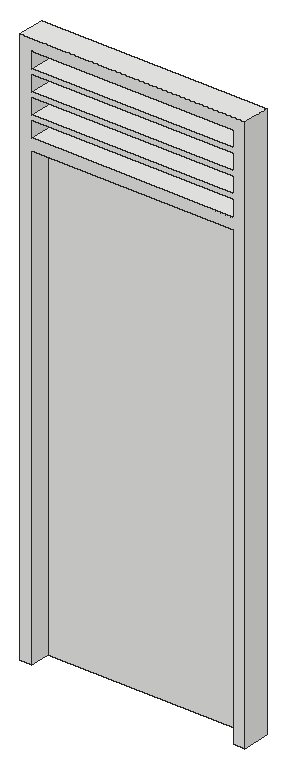
Revit family "DoorSingleBv", category Doors, host Wall, Revit 2022
Family settings
  Host = Wall
  OmniClass Number = 23.30.10.00
  OmniClass Title = Doors
  Always vertical = Yes
  Cut with Voids When Loaded = No
  Shared = No
  Room Calculation Point = No
Parameters (values of type "pintu 100 x 210 bv 40")
  panelWidth = Width - (2 * Frame Thickness)  # 900 mm
  panelHeight = Height - Frame Thickness  # 2050 mm
  materialFinish = catPutih
  a_width = Width - (2 * Frame Thickness)  # 900 mm
  Function = Interior
  Frame Width = 120 mm
  Frame Thickness = 50 mm
  Height = 2100 mm
  Wall Closure = By host
  Width = 1000 mm
  BvPlank = 20 mm
  Bv Height = 400 mm
Reference planes
  plane 1: y = 0
  plane 2 "Center (Left/Right)": x = 0
  plane 3 "Left": x = -500
  plane 4 "Right": x = 500
  plane 5: z = 2100
  plane 6 "Exterior": y = 75
  plane 7 "Interior": y = -75
  plane 8: z = 2500
  plane 9: z = 2275
  plane 10: z = 2450
  plane 11: z = 2367.5
  plane 12: z = 2460
  plane 13: z = 2182.5
  plane 14: z = 2090
  plane 15: z = 2470
  plane 16: z = 2080
Forms (mm)
  Extrusion 1, solid, material "catPutih" <- "materialFinish"
    sketch origin (-3055, -90, 0) x (1, 0, 0) y (0, 0, 1)
      loop
        line (2605, 0) -> (2605, 2050) -> (3505, 2050) -> (3505, 0) -> (3555, 0) -> (3555, 2500) -> (2555, 2500) -> (2555, 0) -> (2605, 0)
      loop
        line (3505, 2450) -> (2605, 2450) -> (2605, 2377.5) -> (3505, 2377.5) -> (3505, 2450)
      loop
        line (3505, 2100) -> (3505, 2172.5) -> (2605, 2172.5) -> (2605, 2100) -> (3505, 2100)
      loop
        line (2605, 2357.5) -> (2605, 2285) -> (3505, 2285) -> (3505, 2357.5) -> (2605, 2357.5)
      loop
        line (2605, 2265) -> (2605, 2192.5) -> (3505, 2192.5) -> (3505, 2265) -> (2605, 2265)
    from -150 to -30
  Extrusion 2, solid, material "catPutih" <- "materialFinish"
    sketch origin (-3055, 60, 0) x (-1, 0, 0) y (0, 0, 1)
      loop
        line (-2605, 2050) -> (-3505, 2050) -> (-3505, 0) -> (-2605, 0) -> (-2605, 2050)
    from 0 to -30
Lines and regions (mm)
  Opening 1
    outline origin (-3050, -75, 0) x (1, 0, 0) y (0, 0, 1)
      loop
        line (2550, 0) -> (3550, 0) -> (3550, 2500) -> (2550, 2500) -> (2550, 0)
  Masking region 1
    outline origin (0, 0, 0) x (1, 0, 0) y (0, 1, 0)
      loop
        line (-500, 60) -> (-500, -60) -> (-450, -60) -> (-450, 60) -> (-500, 60)
      loop
        line (450, 60) -> (450, -60) -> (500, -60) -> (500, 60) -> (450, 60)
  Masking region 2
    outline origin (-390, 510, 0) x (0, 1, 0) y (-1, 0, 0)
      loop
        line (-450, 60) -> (-450, 30) -> (450, 30) -> (450, 60) -> (-450, 60)
  symbolic lines, style "Elevation Swing"
    curve 1: line (-450, -75, 2050) -> (450, -75, 1025)
    curve 2: line (-450, -75, 0) -> (450, -75, 1025)
  symbolic lines, style "Plan Swing"
    curve 3: arc (-450, 960, 0) -> (186.396, 696.396, 0) -> (450, 60, 0) r 900
Text (mm)
  text "Exterior" at (-1376.75, 1099.543, 0), in view "Ref. Level"
  text "Exterior" at (0, 1615.38, 3698.081), in view "Left"
  text "Exterior" at (0, 1036.032, 3874.932), in view "Right"
Dimensions and locks
  equal spacing: plane 3 "Left", plane 2 "Center (Left/Right)", plane 4 "Right"
  "Width": plane 3 "Left" to plane 4 "Right"
  host wall to plane 5 = 2100 mm
  "Frame Width": Extrusion 1 to Extrusion 1
  "Frame Thickness": Extrusion 1 sketch curve to plane 3 "Left"
  "Frame Thickness": Extrusion 1 sketch curve to plane 4 "Right"
  "Frame Thickness": plane 5 to Extrusion 1 sketch curve
  locked: plane 6 "Exterior" to host wall
  locked: plane 7 "Interior" to host wall
  equal spacing: Extrusion 1, host wall, Extrusion 1
  "Frame Thickness": plane 8 to Extrusion 1 sketch curve
  "Bv Height": plane 8 to plane 5
  "BvPlank": Extrusion 1 sketch curve to Extrusion 1 sketch curve  (x3)
  "Frame Thickness": plane 8 to plane 10
  equal spacing: plane 12, plane 11, plane 9, plane 13, plane 14
  equal spacing: Extrusion 1 sketch curve, plane 9, Extrusion 1 sketch curve
  equal spacing: plane 15, plane 12, plane 10
  equal spacing: Extrusion 1 sketch curve, plane 11, Extrusion 1 sketch curve
  equal spacing: Extrusion 1 sketch curve, plane 13, Extrusion 1 sketch curve
  "BvPlank": plane 15 to plane 10
  equal spacing: plane 5, plane 14, plane 16
  "BvPlank": plane 5 to plane 16
  "Height": plane 5 to level
  equal spacing: Extrusion 1, curve 2, level
  "a_width": Masking region 2 sketch curve to Masking region 2 sketch curve
  locked: Masking region 2 sketch curve to Masking region 2 sketch curve at 30
  equal spacing: Extrusion 2 sketch curve, plane 2 "Center (Left/Right)", Extrusion 2 sketch curve
  "panelWidth": Extrusion 2 sketch curve to Extrusion 2 sketch curve
  "panelHeight": Extrusion 2 sketch curve to Extrusion 2 sketch curve
  aligned and locked: plane 3 "Left" to Opening 1 sketch curve
  aligned and locked: Opening 1 sketch curve to plane 4 "Right"
  aligned and locked: Opening 1 sketch curve to level
  aligned and locked: level to Extrusion 1 sketch curve
  aligned and locked: plane 5 to Extrusion 1 sketch curve
  aligned and locked: Extrusion 1 sketch curve to plane 4 "Right"
  aligned and locked: plane 3 "Left" to Extrusion 1 sketch curve
  aligned and locked: plane 1 to host wall
  aligned and locked: plane 8 to Extrusion 1 sketch curve
  aligned and locked: plane 8 to Opening 1 sketch curve
  aligned and locked: Extrusion 1 sketch curve to Extrusion 1 sketch curve  (x8)
  aligned and locked: Extrusion 1 to curve 1
  aligned and locked: curve 2 to Extrusion 1
  aligned and locked: Masking region 1 sketch curve to Extrusion 1  (x8)
  aligned and locked: Masking region 2 to Extrusion 1  (x2)
  aligned and locked: curve 3 to Masking region 2
  aligned and locked: curve 3 to Extrusion 1
  aligned and locked: level to Extrusion 2 sketch curve
Automatic sketch dimensions
  Extrusion 1 sketch curve to level = 0 mm
  curve 2 to level = 0 mm
  plane 4 "Right" to curve 2 = 50 mm
  plane 5 to curve 1 = 50 mm
  Masking region 2 sketch curve to host wall = 15 mm
  Masking region 2 sketch curve to plane 3 "Left" = 80 mm
  curve 3 to host wall = 15 mm
